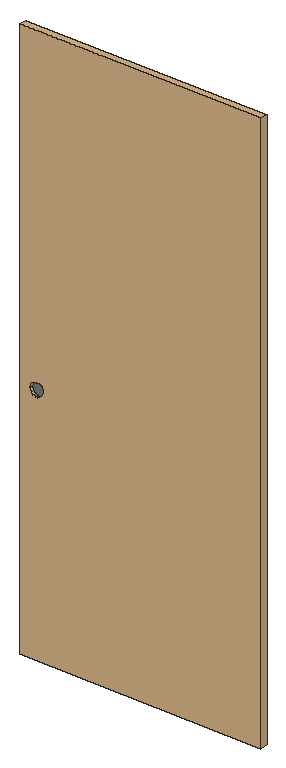
Revit family "PKNail Pocket", category Doors, host Wall, Revit 2017
Family settings
  Host = Wall
  Always vertical = Yes
  Cut with Voids When Loaded = No
  Shared = No
  Room Calculation Point = No
Parameters (values of type "36" x 84"")
  Width = 3' - 0"
  PKNail Family Lateral Orientation = "Sliding"
  PKNail Family Facing Orientation = "None"
  PKNail Family = "Pocket"
  Height = 7' - 0"
  Function = Interior
  Assembly Code = ""
Reference planes (in)
  plane 1: y = 0
  plane 2 "Center (Left/Right)": x = 0
  plane 3 "Wall Edge": y = 3
  plane 4: x = -18
  plane 5: x = 18
  plane 6: z = 84
  plane 7: x = 36
  plane 8: x = 54
Forms (in)
  Extrusion 1, void
    sketch origin (0, 3, 0) x (1, 0, 0) y (0, 0, 1)
      loop
        line (18, 84) -> (-18, 84) -> (-18, 0) -> (18, 0) -> (18, 84)
    from 0 to 60
  Extrusion 2, void
    sketch origin (-60, 0, 0) x (-1, 0, 0) y (0, 0, 1)
      loop
        line (-114, 84) -> (-114, 0) -> (-78, 0) -> (-78, 84) -> (-114, 84)
    from 0.75 to -0.75
  Extrusion 3, solid, material "Door - Panel"
    sketch origin (-60, 0, 0) x (1, 0, 0) y (0, 0, 1)
      loop
        line (42.125, 0.125) -> (77.875, 0.125) -> (77.875, 83.875) -> (42.125, 83.875) -> (42.125, 0.125)
    from -0.5 to 0.5
  Extrusion 4, void
    sketch origin (-57.5, 0.5, 36) x (1, 0, 0) y (0, 0, 1)
      loop
        circle (42.125, 0.125) r 1
    from 0 to 1
  Extrusion 5, solid, material "Door - Knob"
    sketch origin (-60, 0.5, 1) x (-1, 0, 0) y (0, 0, 1)
      loop
        circle (-44.625, 35.125) r 1
    from -0.375 to -0.625
Cuts and joins
  Extrusion 4 cuts Extrusion 3
Text (in)
  text "Placement Side" at (0, 40.15149, 123.01588), in view "Right"
  text "Placement Side" at (-91.8163, 45.38811, 0), in view "Ref. Level"
  text "Placement Side" at (0, 81.62555, 140.59947), in view "Left"
Dimensions and locks (in)
  locked: plane 3 "Wall Edge" to host wall
  "Width": plane 5 to plane 4
  "Height": level to plane 6
  equal spacing: plane 8, plane 7, plane 5, plane 2 "Center (Left/Right)", plane 4
  aligned and locked: plane 5 to Extrusion 1 sketch curve
  aligned and locked: plane 6 to Extrusion 1 sketch curve
  aligned and locked: level to Extrusion 1 sketch curve
  aligned and locked: Extrusion 1 sketch curve to plane 4
Automatic sketch dimensions
  Extrusion 2 sketch curve to level = 0' - 0"
  Extrusion 2 sketch curve to plane 8 = 0' - 0"
  Extrusion 2 sketch curve to plane 5 = 0' - 0"
  Extrusion 2 sketch curve to plane 6 = 0' - 0"
  plane 4 to Extrusion 3 sketch curve = 0' - 0 1/8"
  Extrusion 3 sketch curve to plane 5 = 0' - 0 1/8"
  level to Extrusion 3 sketch curve = 0' - 0 1/8"
  Extrusion 3 sketch curve to plane 6 = 0' - 0 1/8"
  Extrusion 3 to Extrusion 4 sketch curve = 3' - 0"
  Extrusion 3 to Extrusion 4 sketch curve = 0' - 2 1/2"
  Extrusion 5 sketch curve to Extrusion 3 = 0' - 2 1/2"
  Extrusion 5 sketch curve to Extrusion 3 = 3' - 0"
  radius of Extrusion 4 sketch curve = 0' - 1"
  radius of Extrusion 5 sketch curve = 0' - 1"
